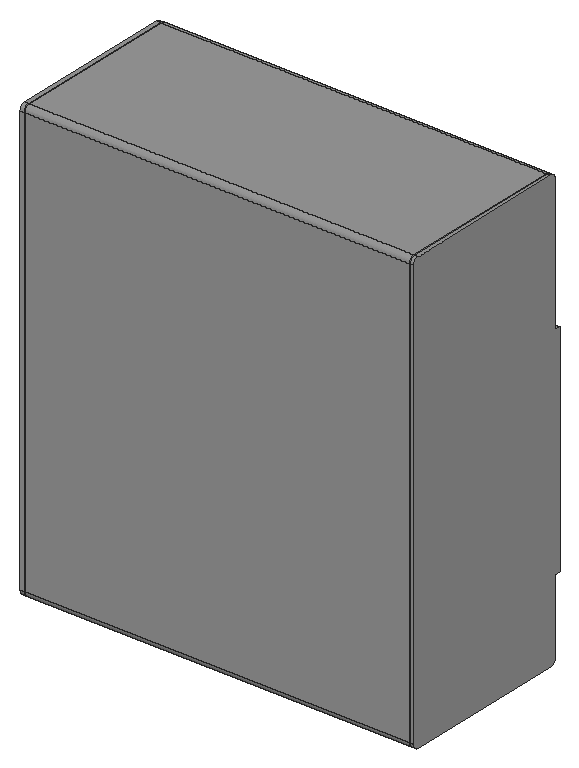
Revit family "L&L_LUCE&LIGHT_PASITO_1.0", category Lighting Fixtures, host Wall, Revit 2018 (continued)
Parameters (values of type "PASITO_1.0 – 60°")
    5.36 15.01 14.65 14.25 13.85 13.50 13.18 12.83 \r\n12.42 12.08 11.77 11.39 11.08 10.76 10.46 10.13 9.83 9.54 \r\n9.19 8.92 8.64 8.34 8.08 7.80 7.51 7.27 7.03 6.77 6.50 \r\n6.27 6.04 5.79 5.54 5.32 5.10 4.86 4.64 4.44 4.24 4.02 \r\n3.83 3.65 3.46 3.27 3.09 2.92 2.74 2.58 2.42 2.25 2.09 \r\n1.93 1.79 1.55 1.11 0.54 0.12 0.01 \r\n0.01 0.07 0.32 0.66 1.40 1.95 2.01 2.07 2.24 2.98 4.40 \r\n6.46 9.00 11.98 15.85 20.68 26.22 32.88 41.31 51.66 63.12 \r\n75.63 87.99 97.26 103.81 108.51 112.35 115.97 119.76 \r\n123.65 127.30 130.73 134.10 137.53 140.95 144.16 147.34 \r\n150.57 153.55 156.24 159.06 161.69 164.28 166.84 169.13 \r\n171.52 173.74 175.73 177.62 179.28 180.73 181.98 183.10 \r\n184.03 184.79 185.31 185.52 185.66 185.72 185.51 184.97 \r\n184.22 183.27 181.92 180.22 178.36 176.19 173.54 170.39 \r\n166.72 162.50 157.68 152.15 145.85 138.78 130.99 122.61 \r\n113.83 104.91 96.22 88.02 80.51 73.75 67.77 62.55 57.99 \r\n54.03 50.58 47.55 44.89 42.55 40.48 38.63 36.91 35.30 \r\n33.81 32.43 31.17 30.03 28.96 27.98 27.09 26.29 25.54 \r\n24.85 24.23 23.67 23.15 22.67 22.23 21.84 21.51 21.22 \r\n20.82 20.28 19.74 19.26 18.83 18.41 17.97 17.56 17.19 \r\n16.83 16.41 15.94 15.56 15.22 14.82 14.39 14.01 13.67 \r\n13.30 12.89 12.54 12.19 11.84 11.43 11.16 10.80 10.45 \r\n10.14 9.83 9.49 9.19 8.91 8.57 8.26 8.01 7.72 7.43 7.15 \r\n6.90 6.63 6.36 6.11 5.85 5.59 5.35 5.13 4.88 4.65 4.43 \r\n4.23 4.01 3.81 3.62 3.42 3.22 3.03 2.84 2.67 2.49 2.31 \r\n2.15 1.97 1.83 1.62 1.18 0.59 0.12 0.01 \r\n0.01 0.07 0.34 0.71 1.53 1.98 2.02 2.09 2.41 3.42 5.16 \r\n7.59 10.41 14.02 18.70 24.12 30.78 39.20 49.45 61.39 \r\n74.57 88.05 98.18 105.42 110.54 114.75 118.93 123.17 \r\n127.31 131.25 135.13 138.96 142.92 146.63 150.14 153.85 \r\n157.53 160.79 164.04 167.38 170.38 173.17 176.01 178.87 \r\n181.44 183.72 186.09 188.33 190.17 191.76 193.43 194.93 \r\n196.07 197.14 198.09 198.74 199.14 199.45 199.63 199.57 \r\n199.23 198.65 197.81 196.73 195.30 193.42 191.13 188.33 \r\n184.94 180.93 176.15 170.55 164.20 156.97 148.89 139.98 \r\n130.47 120.72 111.04 101.73 92.94 84.82 77.52 71.09 65.48 \r\n60.61 56.35 52.66 49.46 46.64 44.16 41.95 39.97 38.18 \r\n36.53 34.98 33.53 32.21 31.03 29.96 28.97 28.07 27.25 \r\n26.50 25.79 25.15 24.56 24.03 23.55 23.13 22.72 22.33 \r\n21.99 21.70 21.30 20.73 20.17 19.74 19.34 18.93 18.48 \r\n18.01 17.64 17.25 16.85 16.43 15.96 15.59 15.17 14.77 \r\n14.38 13.99 13.64 13.23 12.84 12.48 12.12 11.73 11.37 \r\n11.01 10.66 10.34 9.98 9.66 9.34 9.03 8.71 8.40 8.08 7.78 \r\n7.51 7.19 6.91 6.64 6.36 6.10 5.85 5.58 5.33 5.10 4.86 \r\n4.62 4.39 4.18 3.96 3.74 3.54 3.33 3.12 2.92 2.74 2.55 \r\n2.36 2.19 2.00 1.85 1.66 1.24 0.64 0.13 0.01 \r\n0.01 0.07 0.36 0.75 1.63 1.99 2.03 2.12 2.57 3.80 5.85 \r\n8.50 11.70 15.86 21.07 27.21 35.23 44.83 56.70 70.29 \r\n84.67 96.66 105.29 111.22 115.58 120.13 124.72 129.02 \r\n133.29 137.67 141.81 146.09 150.23 154.11 157.98 161.94 \r\n165.58 169.13 172.55 175.70 178.99 182.15 184.82 187.55 \r\n190.15 192.42 194.56 196.61 198.39 199.95 201.22 202.52 \r\n203.64 204.49 205.25 205.86 206.24 206.52 206.63 206.53 \r\n206.29 205.82 205.07 204.04 202.67 200.88 198.61 195.82 \r\n192.38 188.21 183.26 177.29 170.36 162.50 153.69 144.42 \r\n134.92 124.88 114.68 104.94 95.93 87.62 80.08 73.48 67.65 \r\n62.53 58.10 54.25 50.89 47.95 45.37 43.09 41.05 39.21 \r\n37.47 35.84 34.36 33.03 31.85 30.74 29.75 28.85 28.01 \r\n27.22 26.51 25.88 25.29 24.73 24.24 23.80 23.39 23.02 \r\n22.68 22.37 22.07 21.61 20.95 20.40 20.02 19.59 19.18 \r\n18.78 18.29 17.89 17.47 17.08 16.67 16.17 15.81 15.41 \r\n14.96 14.58 14.17 13.78 13.36 13.01 12.61 12.20 11.85 \r\n11.48 11.08 10.74 10.38 10.05 9.69 9.35 9.06 8.69 8.37 \r\n8.06 7.74 7.45 7.16 6.88 6.59 6.32 6.06 5.80 5.52 5.27 \r\n5.04 4.79 4.54 4.31 4.09 3.86 3.64 3.42 3.20 2.99 2.79 \r\n2.60 2.40 2.22 2.04 1.87 1.69 1.29 0.68 0.14 0.01 \r\n0.01 0.08 0.37 0.78 1.71 2.00 2.05 2.16 2.74 4.13 6.36 \r\n9.21 12.70 17.26 22.89 29.82 38.59 49.37 62.70 77.76 \r\n91.77 102.37 110.14 115.02 119.54 124.46 129.11 133.55 \r\n138.26 142.79 147.07 151.63 155.88 159.94 164.08 168.00 \r\n171.68 175.21 178.71 182.16 185.19 188.07 190.91 193.38 \r\n195.76 197.83 199.52 201.21 202.64 203.89 204.91 205.79 \r\n206.50 207.03 207.42 207.66 207.79 207.80 207.70 207.46 \r\n207.11 206.54 205.75 204.76 203.40 201.59 199.43 196.70 \r\n193.23 188.94 183.78 177.93 171.00 163.32 154.65 145.57 \r\n135.96 125.75 115.80 106.34 97.32 88.96 81.34 74.75 68.83 \r\n63.64 59.18 55.26 51.83 48.84 46.21 43.87 41.79 39.92 \r\n38.15 36.51 35.00 33.63 32.43 31.31 30.29 29.38 28.53 \r\n27.77 27.07 26.41 25.82 25.28 24.77 24.30 23.90 23.51 \r\n23.16 22.84 22.54 22.21 21.64 21.01 20.56 20.16 19.67 \r\n19.28 18.84 18.38 18.00 17.49 17.11 16.70 16.22 15.86 \r\n15.39 14.98 14.56 14.14 13.77 13.29 13.00 12.52 12.16 \r\n11.76 11.41 11.01 10.66 10.32 9.94 9.61 9.27 8.95 8.62 \r\n8.26 7.99 7.67 7.36 7.09 6.80 6.50 6.24 5.97 5.69 5.42 \r\n5.17 4.91 4.65 4.41 4.17 3.94 3.70 3.48 3.25 3.03 2.83 \r\n2.63 2.43 2.24 2.06 1.88 1.72 1.33 0.71 0.14 0.01 \r\n0.01 0.08 0.37 0.78 1.77 2.00 2.06 2.17 2.83 4.33 6.67 \r\n9.68 13.31 18.16 24.13 31.45 40.66 52.47 66.46 82.05 \r\n95.67 105.94 112.88 117.61 122.46 127.46 132.23 136.98 \r\n141.91 146.30 150.76 155.36 159.73 164.02 168.10 172.10 \r\n175.95 179.61 183.03 186.24 189.23 192.10 194.74 197.09 \r\n199.02 200.85 202.31 203.46 204.53 205.30 205.84 206.25 \r\n206.46 206.55 206.51 206.36 206.10 205.73 205.33 204.88 \r\n204.26 203.51 202.61 201.48 200.02 198.14 195.92 193.24 \r\n189.84 185.69 180.64 175.17 168.84 161.12 152.81 144.36 \r\n134.93 125.07 115.68 106.40 97.59 89.36 81.86 75.15 69.22 \r\n64.09 59.67 55.70 52.28 49.25 46.62 44.27 42.19 40.31 \r\n38.52 36.88 35.36 33.94 32.72 31.63 30.61 29.70 28.86 \r\n28.07 27.38 26.71 26.09 25.53 25.03 24.58 24.17 23.77 \r\n23.41 23.08 22.77 22.49 22.00 21.35 20.83 20.45 19.98 \r\n19.52 19.13 18.64 18.27 17.83 17.35 17.00 16.49 16.11 \r\n15.70 15.21 14.87 14.35 14.02 13.57 13.18 12.79 12.39 \r\n12.00 11.62 11.27 10.88 10.53 10.18 9.80 9.48 9.13 8.81 \r\n8.48 8.14 7.85 7.51 7.22 6.94 6.64 6.34 6.07 5.79 5.50 \r\n5.24 4.98 4.72 4.46 4.22 3.98 3.74 3.51 3.28 3.06 2.85 \r\n2.65 2.45 2.25 2.08 1.88 1.74 1.35 0.73 0.15 0.01 \r\n0.01 0.07 0.37 0.78 1.81 2.00 2.06 2.17 2.84 4.37 6.76 \r\n9.86 13.47 18.45 24.58 31.78 41.33 53.66 67.51 83.51 \r\n97.42 107.41 114.27 119.24 124.28 129.12 134.17 139.17 \r\n143.87 148.42 153.22 157.62 162.25 166.55 170.60 174.72 \r\n178.74 182.30 185.70 188.92 191.81 194.56 196.98 199.00 \r\n200.82 202.29 203.39 204.27 204.92 205.35 205.52 205.53 \r\n205.40 205.20 204.84 204.37 203.84 203.24 202.56 201.83 \r\n201.03 200.10 198.95 197.65 196.09 194.21 191.86 189.08 \r\n185.74 181.83 177.13 171.86 165.72 158.61 151.08 142.45 \r\n133.58 124.53 115.12 106.08 97.12 89.43 82.23 75.79 69.70 \r\n64.54 60.06 56.00 52.52 49.46 46.81 44.48 42.40 40.51 \r\n38.75 37.16 35.66 34.29 33.04 31.94 30.95 29.95 29.09 \r\n28.34 27.60 26.95 26.34 25.78 25.26 24.80 24.38 23.98 \r\n23.63 23.30 22.97 22.70 22.30 21.68 21.10 20.67 20.23 \r\n19.75 19.39 18.92 18.48 18.09 17.58 17.19 16.74 16.29 \r\n15.92 15.40 15.05 14.61 14.18 13.80 13.35 13.01 12.54 \r\n12.21 11.78 11.43 11.03 10.68 10.28 9.95 9.56 9.25 8.88 \r\n8.56 8.23 7.90 7.60 7.27 6.98 6.69 6.39 6.10 5.81 5.53 \r\n5.27 5.01 4.74 4.49 4.24 4.00 3.76 3.53 3.30 3.07 2.87 \r\n2.67 2.46 2.26 2.09 1.89 1.75 1.37 0.75 0.15 0.01 \r\n0.01 0.07 0.37 0.76 1.81 2.00 2.06 2.16 2.79 4.27 6.64 \r\n9.77 13.23 18.17 24.29 31.00 40.64 52.93 66.06 82.45 \r\n97.31 107.18 114.72 119.96 124.98 129.75 135.00 140.13 \r\n144.56 149.55 154.47 158.70 163.44 168.06 171.94 176.23 \r\n180.28 183.92 187.38 190.80 193.94 196.46 198.95 201.18 \r\n202.94 204.41 205.64 206.43 207.03 207.43 207.56 207.47 \r\n207.30 206.88 206.42 205.95 205.27 204.55 203.69 202.89 \r\n201.98 200.97 199.91 198.45 196.79 195.08 192.78 190.03 \r\n187.15 183.44 178.93 174.12 168.05 161.63 154.57 146.41 \r\n137.43 128.67 119.97 110.65 101.65 93.74 85.89 79.32 \r\n73.38 67.80 63.20 59.16 55.30 51.91 46.81 44.96 42.90 \r\n40.94 39.20 37.53 36.05 34.61 33.29 32.25 31.17 30.18 \r\n29.35 28.50 27.75 27.15 26.53 25.93 25.44 24.95 24.51 \r\n24.15 23.79 23.47 23.14 22.86 22.45 21.76 21.17 20.84 \r\n20.35 19.87 19.56 18.99 18.59 18.15 17.64 17.32 16.76 \r\n16.38 16.01 15.46 15.14 14.63 14.27 13.79 13.38 13.06 \r\n12.56 12.25 11.78 11.49 11.00 10.73 10.26 10.00 9.56 9.25 \r\n8.91 8.55 8.25 7.90 7.61 7.29 6.97 6.70 6.40 6.10 5.81 \r\n5.54 5.28 5.02 4.75 4.50 4.24 4.00 3.76 3.53 3.31 3.08 \r\n2.87 2.67 2.46 2.26 2.09 1.89 1.75 1.38 0.75 0.15 0.01 \r\n0.01 0.07 0.37 0.78 1.81 2.00 2.06 2.17 2.84 4.37 6.76 \r\n9.86 13.47 18.45 24.58 31.78 41.33 53.66 67.51 83.51 \r\n97.42 107.41 114.27 119.24 124.28 129.12 134.17 139.17 \r\n143.87 148.42 153.22 157.62 162.25 166.55 170.60 174.72 \r\n178.74 182.30 185.70 188.92 191.81 194.56 196.98 199.00 \r\n200.82 202.29 203.39 204.27 204.92 205.35 205.52 205.53 \r\n205.40 205.20 204.84 204.37 203.84 203.24 202.56 201.83 \r\n201.03 200.10 198.95 197.65 196.09 194.21 191.86 189.08 \r\n185.74 181.83 177.13 171.86 165.72 158.61 151.08 142.45 \r\n133.58 124.53 115.12 106.08 97.12 89.43 82.23 75.79 69.70 \r\n64.54 60.06 56.00 52.52 49.46 46.81 44.48 42.40 40.51 \r\n38.75 37.16 35.66 34.29 33.04 31.94 30.95 29.95 29.09 \r\n28.34 27.60 26.95 26.34 25.78 25.26 24.80 24.38 23.98 \r\n23.63 23.30 22.97 22.70 22.30 21.68 21.10 20.67 20.23 \r\n19.75 19.39 18.92 18.48 18.09 17.58 17.19 16.74 16.29 \r\n15.92 15.40 15.05 14.61 14.18 13.80 13.35 13.01 12.54 \r\n12.21 11.78 11.43 11.03 10.68 10.28 9.95 9.56 9.25 8.88 \r\n8.56 8.23 7.90 7.60 7.27 6.98 6.69 6.39 6.10 5.81 5.53 \r\n5.27 5.01 4.74 4.49 4.24 4.00 3.76 3.53 3.30 3.07 2.87 \r\n2.67 2.46 2.26 2.09 1.89 1.75 1.37 0.75 0.15 0.01 \r\n0.01 0.08 0.37 0.78 1.77 2.00 2.06 2.17 2.83 4.33 6.67 \r\n9.68 13.31 18.16 24.13 31.45 40.66 52.47 66.46 82.05 \r\n95.67 105.94 112.88 117.61 122.46 127.46 132.23 136.98 \r\n141.91 146.30 150.76 155.36 159.73 164.02 168.10 172.10 \r\n175.95 179.61 183.03 186.24 189.23 192.10 194.74 197.09 \r\n199.02 200.85 202.31 203.46 204.53 205.30 205.84 206.25 \r\n206.46 206.55 206.51 206.36 206.10 205.73 205.33 204.88 \r\n204.26 203.51 202.61 201.48 200.02 198.14 195.92 193.24 \r\n189.84 185.69 180.64 175.17 168.84 161.12 152.81 144.36 \r\n134.93 125.07 115.68 106.40 97.59 89.36 81.86 75.15 69.22 \r\n64.09 59.67 55.70 52.28 49.25 46.62 44.27 42.19 40.31 \r\n38.52 36.88 35.36 33.94 32.72 31.63 30.61 29.70 28.86 \r\n28.07 27.38 26.71 26.09 25.53 25.03 24.58 24.17 23.77 \r\n23.41 23.08 22.77 22.49 22.00 21.35 20.83 20.45 19.98 \r\n19.52 19.13 18.64 18.27 17.83 17.35 17.00 16.49 16.11 \r\n15.70 15.21 14.87 14.35 14.02 13.57 13.18 12.79 12.39 \r\n12.00 11.62 11.27 10.88 10.53 10.18 9.80 9.48 9.13 8.81 \r\n8.48 8.14 7.85 7.51 7.22 6.94 6.64 6.34 6.07 5.79 5.50 \r\n5.24 4.98 4.72 4.46 4.22 3.98 3.74 3.51 3.28 3.06 2.85 \r\n2.65 2.45 2.25 2.08 1.88 1.74 1.35 0.73 0.15 0.01 \r\n0.01 0.08 0.37 0.78 1.71 2.00 2.05 2.16 2.74 4.13 6.36 \r\n9.21 12.70 17.26 22.89 29.82 38.59 49.37 62.70 77.76 \r\n91.77 102.37 110.14 115.02 119.54 124.46 129.11 133.55 \r\n138.26 142.79 147.07 151.63 155.88 159.94 164.08 168.00 \r\n171.68 175.21 178.71 182.16 185.19 188.07 190.91 193.38 \r\n195.76 197.83 199.52 201.21 202.64 203.89 204.91 205.79 \r\n206.50 207.03 207.42 207.66 207.79 207.80 207.70 207.46 \r\n207.11 206.54 205.75 204.76 203.40 201.59 199.43 196.70 \r\n193.23 188.94 183.78 177.93 171.00 163.32 154.65 145.57 \r\n135.96 125.75 115.80 106.34 97.32 88.96 81.34 74.75 68.83 \r\n63.64 59.18 55.26 51.83 48.84 46.21 43.87 41.79 39.92 \r\n38.15 36.51 35.00 33.63 32.43 31.31 30.29 29.38 28.53 \r\n27.77 27.07 26.41 25.82 25.28 24.77 24.30 23.90 23.51 \r\n23.16 22.84 22.54 22.21 21.64 21.01 20.56 20.16 19.67 \r\n19.28 18.84 18.38 18.00 17.49 17.11 16.70 16.22 15.86 \r\n15.39 14.98 14.56 14.14 13.77 13.29 13.00 12.52 12.16 \r\n11.76 11.41 11.01 10.66 10.32 9.94 9.61 9.27 8.95 8.62 \r\n8.26 7.99 7.67 7.36 7.09 6.80 6.50 6.24 5.97 5.69 5.42 \r\n5.17 4.91 4.65 4.41 4.17 3.94 3.70 3.48 3.25 3.03 2.83 \r\n2.63 2.43 2.24 2.06 1.88 1.72 1.33 0.71 0.14 0.01 \r\n0.01 0.07 0.36 0.75 1.63 1.99 2.03 2.12 2.57 3.80 5.85 \r\n8.50 11.70 15.86 21.07 27.21 35.23 44.83 56.70 70.29 \r\n84.67 96.66 105.29 111.22 115.58 120.13 124.72 129.02 \r\n133.29 137.67 141.81 146.09 150.23 154.11 157.98 161.94 \r\n165.58 169.13 172.55 175.70 178.99 182.15 184.82 187.55 \r\n190.15 192.42 194.56 196.61 198.39 199.95 201.22 202.52 \r\n203.64 204.49 205.25 205.86 206.24 206.52 206.63 206.53 \r\n206.29 205.82 205.07 204.04 202.67 200.88 198.61 195.82 \r\n192.38 188.21 183.26 177.29 170.36 162.50 153.69 144.42 \r\n134.92 124.88 114.68 104.94 95.93 87.62 80.08 73.48 67.65 \r\n62.53 58.10 54.25 50.89 47.95 45.37 43.09 41.05 39.21 \r\n37.47 35.84 34.36 33.03 31.85 30.74 29.75 28.85 28.01 \r\n27.22 26.51 25.88 25.29 24.73 24.24 23.80 23.39 23.02 \r\n22.68 22.37 22.07 21.61 20.95 20.40 20.02 19.59 19.18 \r\n18.78 18.29 17.89 17.47 17.08 16.67 16.17 15.81 15.41 \r\n14.96 14.58 14.17 13.78 13.36 13.01 12.61 12.20 11.85 \r\n11.48 11.08 10.74 10.38 10.05 9.69 9.35 9.06 8.69 8.37 \r\n8.06 7.74 7.45 7.16 6.88 6.59 6.32 6.06 5.80 5.52 5.27 \r\n5.04 4.79 4.54 4.31 4.09 3.86 3.64 3.42 3.20 2.99 2.79 \r\n2.60 2.40 2.22 2.04 1.87 1.69 1.29 0.68 0.14 0.01 \r\n0.01 0.07 0.34 0.71 1.53 1.98 2.02 2.09 2.41 3.42 5.16 \r\n7.59 10.41 14.02 18.70 24.12 30.78 39.20 49.45 61.39 \r\n74.57 88.05 98.18 105.42 110.54 114.75 118.93 123.17 \r\n127.31 131.25 135.13 138.96 142.92 146.63 150.14 153.85 \r\n157.53 160.79 164.04 167.38 170.38 173.17 176.01 178.87 \r\n181.44 183.72 186.09 188.33 190.17 191.76 193.43 194.93 \r\n196.07 197.14 198.09 198.74 199.14 199.45 199.63 199.57 \r\n199.23 198.65 197.81 196.73 195.30 193.42 191.13 188.33 \r\n184.94 180.93 176.15 170.55 164.20 156.97 148.89 139.98 \r\n130.47 120.72 111.04 101.73 92.94 84.82 77.52 71.09 65.48 \r\n60.61 56.35 52.66 49.46 46.64 44.16 41.95 39.97 38.18 \r\n36.53 34.98 33.53 32.21 31.03 29.96 28.97 28.07 27.25 \r\n26.50 25.79 25.15 24.56 24.03 23.55 23.13 22.72 22.33 \r\n21.99 21.70 21.30 20.73 20.17 19.74 19.34 18.93 18.48 \r\n18.01 17.64 17.25 16.85 16.43 15.96 15.59 15.17 14.77 \r\n14.38 13.99 13.64 13.23 12.84 12.48 12.12 11.73 11.37 \r\n11.01 10.66 10.34 9.98 9.66 9.34 9.03 8.71 8.40 8.08 7.78 \r\n7.51 7.19 6.91 6.64 6.36 6.10 5.85 5.58 5.33 5.10 4.86 \r\n4.62 4.39 4.18 3.96 3.74 3.54 3.33 3.12 2.92 2.74 2.55 \r\n2.36 2.19 2.00 1.85 1.66 1.24 0.64 0.13 0.01 \r\n0.01 0.07 0.32 0.66 1.40 1.95 2.01 2.07 2.24 2.98 4.40 \r\n6.46 9.00 11.98 15.85 20.68 26.22 32.88 41.31 51.66 63.12 \r\n75.63 87.99 97.26 103.81 108.51 112.35 115.97 119.76 \r\n123.65 127.30 130.73 134.10 137.53 140.95 144.16 147.34 \r\n150.57 153.55 156.24 159.06 161.69 164.28 166.84 169.13 \r\n171.52 173.74 175.73 177.62 179.28 180.73 181.98 183.10 \r\n184.03 184.79 185.31 185.52 185.66 185.72 185.51 184.97 \r\n184.22 183.27 181.92 180.22 178.36 176.19 173.54 170.39 \r\n166.72 162.50 157.68 152.15 145.85 138.78 130.99 122.61 \r\n113.83 104.91 96.22 88.02 80.51 73.75 67.77 62.55 57.99 \r\n54.03 50.58 47.55 44.89 42.55 40.48 38.63 36.91 35.30 \r\n33.81 32.43 31.17 30.03 28.96 27.98 27.09 26.29 25.54 \r\n24.85 24.23 23.67 23.15 22.67 22.23 21.84 21.51 21.22 \r\n20.82 20.28 19.74 19.26 18.83 18.41 17.97 17.56 17.19 \r\n16.83 16.41 15.94 15.56 15.22 14.82 14.39 14.01 13.67 \r\n13.30 12.89 12.54 12.19 11.84 11.43 11.16 10.80 10.45 \r\n10.14 9.83 9.49 9.19 8.91 8.57 8.26 8.01 7.72 7.43 7.15 \r\n6.90 6.63 6.36 6.11 5.85 5.59 5.35 5.13 4.88 4.65 4.43 \r\n4.23 4.01 3.81 3.62 3.42 3.22 3.03 2.84 2.67 2.49 2.31 \r\n2.15 1.97 1.83 1.62 1.18 0.59 0.12 0.01 \r\n0.01 0.07 0.29 0.60 1.24 1.91 1.99 2.04 2.13 2.56 3.61 \r\n5.23 7.44 9.93 12.96 16.89 21.60 26.98 33.31 41.45 51.31 \r\n62.04 73.77 85.11 94.19 100.41 104.85 108.26 111.40 \r\n114.74 118.13 121.25 124.26 127.21 130.15 133.06 135.64 \r\n138.27 140.92 143.30 145.70 148.10 150.39 152.41 154.28 \r\n156.22 158.11 159.77 161.18 162.50 163.81 164.83 165.54 \r\n166.19 166.77 167.00 166.84 166.68 166.45 165.91 165.13 \r\n164.16 162.98 161.62 160.01 158.07 155.80 153.28 150.39 \r\n147.15 143.62 139.63 135.09 130.02 124.36 118.04 111.15 \r\n103.83 96.32 88.87 81.71 75.05 69.04 63.70 58.99 54.87 \r\n51.28 48.13 45.34 42.89 40.71 38.78 37.02 35.40 33.86 \r\n32.41 31.08 29.86 28.75 27.74 26.79 25.92 25.13 24.39 \r\n23.72 23.10 22.53 22.03 21.57 21.18 20.85 20.52 20.12 \r\n19.60 19.07 18.58 18.13 17.70 17.29 16.93 16.58 16.16 \r\n15.73 15.36 15.01 14.65 14.25 13.85 13.50 13.18 12.83 \r\n12.42 12.08 11.77 11.39 11.08 10.76 10.46 10.13 9.83 9.54 \r\n9.19 8.92 8.64 8.34
